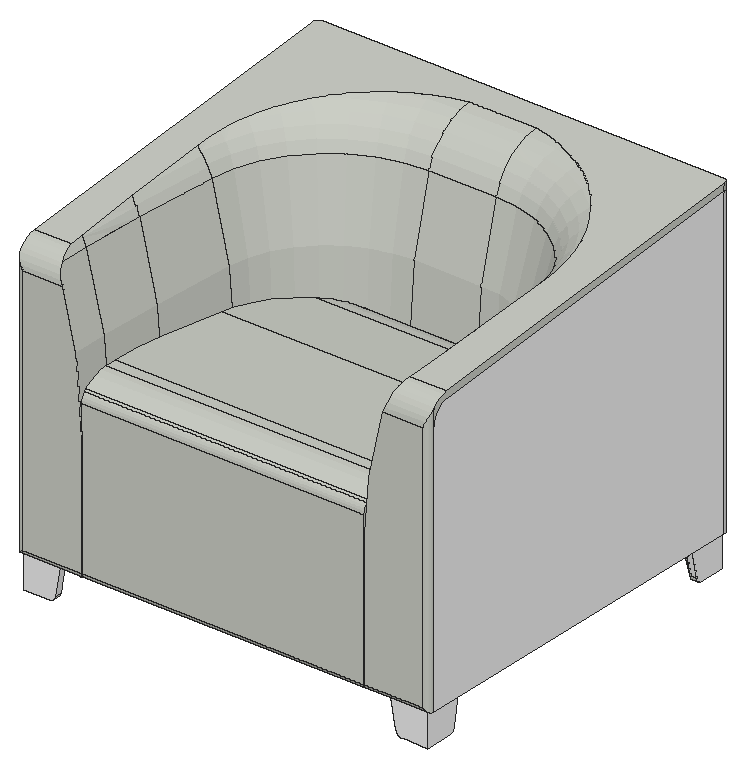
Revit family "Elan_Ellsworth_One_LoungeChair_WoodBack", category Furniture, Revit 2012
Parameters
  Width = 2' - 9"  # constant formula
  URL = "http://elanbydecca.com/"
  Upholstery [instance] = Furniture - DECCA (Elan) - Ellsworth - Upholstery
  Base [instance] = Furniture - DECCA (Elan) - Ellsworth - Base
  Product URL = "http://elanbydecca.com/PDFs/TearSheet/Ellsworth%20Tear%20Sheet.pdf"
  Model = "MK TC300V"
  Manufacturer = "Decca Elan"
  Height = 2' - 4"  # constant formula
  Description = "Ellsworth One Lounge Chair"
  Depth = 2' - 6"  # constant formula
  Assembly Description = "Furniture & Accessories"
  Assembly Code = "E2020200"
  Back = Furniture - DECCA (Elan) - Ellsworth - Base
Reference planes (in)
  plane 1 "Center Front/Back": y = -0.7523997
  plane 2: z = 0
  plane 3 "Center Left/Right": x = 0
  plane 4 "L": x = -16.5
  plane 5 "R": x = 16.5
  plane 6 "F": y = -15.7523997
  plane 7: y = 14.2476003
  plane 8: through (-6.2533827, 2.3323677, 23.3895262) normal (0.4297, -0.4297, 0.7941)
  plane 9 "ST": z = 28
  plane 10 "BB": z = 2.875
  plane 11: z = 0.1875
  plane 12: x = -16.1875
  plane 13: x = -13.1875
  plane 14: x = 16.1875
  plane 15: x = 13.1875
  plane 16: y = -12.7523997
  plane 17: y = 11.2476003
  plane 18: z = 17
  plane 19: y = 6.2163396
Forms (in)
  Sweep 1, solid, material "Furniture - DECCA (Elan) - Ellsworth - Upholstery" <- "Upholstery"
    path origin (0, 0, 2.875) x (-1, 0, 0) y (0, -1, 0)
      loop
        line (-11.3074654, 15.7523997) -> (-11.3074654, 12.8786985)
        arc (-11.3074654, 12.8786985) -> (-11.263605, 10.3659347) -> (-11.132077, 7.8562324) r 72
        line (-11.132077, 7.8562324) -> (-10.6684186, 1.2256086)
        arc (-10.6684186, 1.2256086) -> (-8.1438931, -4.0671692) -> (-2.6879062, -6.2163396) r 8
        line (-2.6879062, -6.2163396) -> (2.6879062, -6.2163396)
        arc (2.6879062, -6.2163396) -> (8.1438931, -4.0671692) -> (10.6684186, 1.2256086) r 8
        line (10.6684186, 1.2256086) -> (11.132077, 7.8562324)
        arc (11.132077, 7.8562324) -> (11.263605, 10.3659347) -> (11.3074654, 12.8786985) r 72
        line (11.3074654, 12.8786985) -> (11.3074654, 15.7523997)
    profile origin (0, 6.2163396, 2.875) x (0, -1, 0) y (0, 0, 1)
      loop
        line (0, 0) -> (0, 10.0216963)
        arc (0, 10.0216963) -> (-0.4940232, 15.9652318) -> (-1.9625341, 21.7456425) r 36
        arc (-1.9625341, 21.7456425) -> (-3.510919, 23.9274319) -> (-5.992833, 24.9263332) r 4.75
        line (-5.992833, 24.9263332) -> (-15.5, 25.8529092) -> (-15.5, 0) -> (0, 0)
  Extrusion 2, void
    sketch origin (0, 0, 0) x (0, 1, 0) y (0, 0, 1)
      loop
        line (22.7476003, 28.8284167) -> (22.7476003, 31.5) -> (-19.7523997, 31.5) -> (-19.7523997, 0) -> (-15.2523997, 0) -> (-15.2523997, 2.875) -> (-15.4398997, 2.875)
        arc (-15.4398997, 2.875) -> (-15.6608706, 2.9665291) -> (-15.7523997, 3.1875) r 0.3125
        line (-15.7523997, 3.1875) -> (-15.7523997, 23.2616219)
        arc (-15.7523997, 23.2616219) -> (-15.2336163, 24.605496) -> (-13.9464021, 25.2521905) r 2
        line (-13.9464021, 25.2521905) -> (22.7476003, 28.8284167)
    from -27.955407 to 26.8958693
  Extrusion 3, void
    sketch origin (0, 0, 2.875) x (-1, 0, 0) y (0, -1, 0)
      loop
        line (16.5, -13.7476003) -> (16.5, 15.2523997)
        arc (16.5, 15.2523997) -> (16.3535534, 15.6059531) -> (16, 15.7523997) r 0.5
        line (16, 15.7523997) -> (-16, 15.7523997)
        arc (-16, 15.7523997) -> (-16.3535534, 15.6059531) -> (-16.5, 15.2523997) r 0.5
        line (-16.5, 15.2523997) -> (-16.5, -13.7476003)
        arc (-16.5, -13.7476003) -> (-16.3535534, -14.1011536) -> (-16, -14.2476003) r 0.5
        line (-16, -14.2476003) -> (16, -14.2476003)
        arc (16, -14.2476003) -> (16.3535534, -14.1011536) -> (16.5, -13.7476003) r 0.5
      loop
        arc (16, -26.2476003) -> (24.8388348, -22.586435) -> (28.5, -13.7476003) r 12.5
        line (28.5, -13.7476003) -> (28.5, 15.2523997)
        arc (28.5, 15.2523997) -> (24.8388348, 24.0912345) -> (16, 27.7523997) r 12.5
        line (16, 27.7523997) -> (-16, 27.7523997)
        arc (-16, 27.7523997) -> (-24.8388348, 24.0912345) -> (-28.5, 15.2523997) r 12.5
        line (-28.5, 15.2523997) -> (-28.5, -13.7476003)
        arc (-28.5, -13.7476003) -> (-24.8388348, -22.586435) -> (-16, -26.2476003) r 12.5
        line (-16, -26.2476003) -> (16, -26.2476003)
    from -2.875 to 28.625
  Extrusion 4, solid, material "Furniture - DECCA (Elan) - Ellsworth - Upholstery" <- "Upholstery"
    sketch origin (0, 0, 0) x (0, 1, 0) y (0, 0, 1)
      loop
        line (6.2163396, 2.875) -> (6.2163396, 13.8704933)
        arc (6.2163396, 13.8704933) -> (6.0951567, 14.347652) -> (5.7609786, 14.7091639) r 1
        line (5.7609786, 14.7091639) -> (5.5897111, 14.8203862)
        arc (5.5897111, 14.8203862) -> (4.8088435, 15.2135656) -> (3.9612061, 15.4277039) r 4
        line (3.9612061, 15.4277039) -> (-2.4371565, 16.3159994)
        arc (-2.4371565, 16.3159994) -> (-7.3758173, 16.8287963) -> (-12.338077, 17) r 72
        line (-12.338077, 17) -> (-13.278241, 17)
        arc (-13.278241, 17) -> (-14.3533448, 16.8007413) -> (-15.2856328, 16.2294345) r 3
        line (-15.2856328, 16.2294345) -> (-15.4215303, 16.1070718)
        arc (-15.4215303, 16.1070718) -> (-15.6659452, 15.7706636) -> (-15.7523997, 15.3639269) r 1
        line (-15.7523997, 15.3639269) -> (-15.7523997, 3.1875)
        arc (-15.7523997, 3.1875) -> (-15.6608706, 2.9665291) -> (-15.4398997, 2.875) r 0.3125
        line (-15.4398997, 2.875) -> (6.2163396, 2.875)
    from -13.1875 to 13.1875
  Extrusion 5, void
    sketch origin (0, 0, 2.875) x (-1, 0, 0) y (0, -1, 0)
      loop
        arc (-2.6879062, -6.2163396) -> (-8.1438931, -4.0671692) -> (-10.6684186, 1.2256086) r 8
        line (-10.6684186, 1.2256086) -> (-11.132077, 7.8562324)
        arc (-11.132077, 7.8562324) -> (-11.263605, 10.3659347) -> (-11.3074654, 12.8786985) r 72
        line (-11.3074654, 12.8786985) -> (-11.3074654, 15.7523997) -> (-14.6925346, 15.7523997) -> (-14.6925346, -11.2476003) -> (14.8074654, -11.2476003) -> (14.8074654, 15.7523997) -> (11.3074654, 15.7523997) -> (11.3074654, 12.8786985)
        arc (11.3074654, 12.8786985) -> (11.263605, 10.3659347) -> (11.132077, 7.8562324) r 72
        line (11.132077, 7.8562324) -> (10.6684186, 1.2256086)
        arc (10.6684186, 1.2256086) -> (8.1438931, -4.0671692) -> (2.6879062, -6.2163396) r 8
        line (2.6879062, -6.2163396) -> (-2.6879062, -6.2163396)
    from 0 to 15.8970439
  Extrusion 6, void
    sketch origin (0, 0, 0) x (0, 1, 0) y (0, 0, 1)
      loop
        arc (-13.8979015, 24.7545483) -> (-14.8633121, 24.2695275) -> (-15.2523997, 23.2616219) r 1.5
        line (-15.2523997, 23.2616219) -> (-15.2523997, 2) -> (15.2476003, 2) -> (15.2476003, 27.5950917) -> (-13.8979015, 24.7545483)
    from -16.5 to -16
  Extrusion 7, void
    sketch origin (0, 0, 0) x (0, 1, 0) y (0, 0, -1)
      loop
        line (-13.8979015, -24.7545483) -> (15.2476003, -27.5950917) -> (15.2476003, -2) -> (-15.2523997, -2) -> (-15.2523997, -23.2616219)
        arc (-15.2523997, -23.2616219) -> (-14.8633121, -24.2695275) -> (-13.8979015, -24.7545483) r 1.5
    from -16.5 to -16
  Extrusion 8, void
    sketch origin (0, 0, 0) x (0, 1, 0) y (0, 0, 1)
      loop
        line (15.2476003, 27.5950917) -> (13.7476003, 27.4489006) -> (13.7476003, 2.875) -> (15.2476003, 2.875) -> (15.2476003, 27.5950917)
    from -16.5 to 16.5
Cuts and joins
  Extrusion 2, Extrusion 3, Extrusion 6, Extrusion 7, Extrusion 8 cuts Sweep 1
  Extrusion 5, Extrusion 6 cuts Extrusion 4
Dimensions and locks (in)
  equal spacing: plane 7, plane 1 "Center Front/Back", plane 6 "F"
  "Depth": plane 7 to plane 6 "F"
  "Height": plane 9 "ST" to level
  equal spacing: plane 4 "L", plane 3 "Center Left/Right", plane 5 "R"
  "Width": plane 4 "L" to plane 5 "R"
  locked: plane 12 to plane 4 "L" at 0.3125
  locked: plane 13 to plane 12 at 3
  locked: plane 15 to plane 14 at 3
  locked: plane 14 to plane 5 "R" at 0.3125
  locked: plane 16 to plane 6 "F" at 3
  locked: plane 7 to plane 17 at 3
  plane 18 to level = 1' - 5"
  locked: plane 4 "L" to nested 2 at 0.3125
  locked: plane 4 "L" to nested 3 at 0.3125
  locked: nested 5 to plane 5 "R" at 0.3125
  locked: nested 4 to plane 5 "R" at 0.3125
  locked: plane 6 "F" to nested 2 at 0.3125
  locked: nested 3 to plane 7 at 0.3125
  locked: plane 7 to nested 5 at 0.3125
  locked: nested 4 to plane 6 "F" at 0.3125
Automatic sketch dimensions
  Sweep 1 sketch curve to plane 6 "F" = 0' - 0"  (x2)
  plane 19 to Sweep 1 sketch curve = 0' - 0"
  plane 16 to Sweep 1 sketch curve = 0' - 0.1263"  (x2)
  Sweep 1 sketch curve to plane 5 "R" = 3' - 8.19253"
  plane 15 to Sweep 1 sketch curve = 0' - 1.88003"
  plane 15 to Sweep 1 sketch curve = 0' - 2.05542"
  plane 1 "Center Front/Back" to Sweep 1 sketch curve = 0' - 0.47321"  (x2)
  plane 15 to Sweep 1 sketch curve = 0' - 2.51908"
  plane 3 "Center Left/Right" to Sweep 1 sketch curve = 0' - 2.68791"
  plane 1 "Center Front/Back" to Sweep 1 sketch curve = 0' - 1 1/32"
  Sweep 1 sketch curve to plane 3 "Center Left/Right" = 0' - 2.68791"
  plane 13 to Sweep 1 sketch curve = 0' - 2.05542"
  Sweep 1 sketch curve to Sweep 1 sketch curve = 0' - 0.17539"
  Sweep 1 sketch curve to plane 4 "L" = 3' - 8.19253"
  Sweep 1 sketch curve to plane 10 "BB" = 0' - 0"
  Sweep 1 sketch curve to profile plane = 0' - 0"
  profile plane to Sweep 1 sketch curve = 0' - 1.96253"
  Sweep 1 sketch curve to Sweep 1 sketch curve = 0' - 0"
  Sweep 1 sketch curve to Sweep 1 sketch curve = 0' - 4.0303"
  Sweep 1 sketch curve to Sweep 1 sketch curve = 0' - 0.46076"
  Sweep 1 sketch curve to Sweep 1 sketch curve = 1' - 3 1/2"
  plane 10 "BB" to Sweep 1 sketch curve = 0' - 10.0217"
  Sweep 1 sketch curve to Sweep 1 sketch curve = 1' - 8 1/2"
  Sweep 1 sketch curve to Sweep 1 sketch curve = 0' - 0.92658"
  Extrusion 3 sketch curve to Extrusion 3 sketch curve = 0' - 0"  (x8)
  Extrusion 3 sketch curve to plane 5 "R" = 0' - 0"
  Extrusion 3 sketch curve to plane 7 = 0' - 0"
  Extrusion 3 sketch curve to plane 6 "F" = 0' - 0"
  Extrusion 3 sketch curve to plane 4 "L" = 0' - 0"
  Extrusion 3 sketch curve to plane 7 = 0' - 0 1/2"
  Extrusion 3 sketch curve to plane 5 "R" = 1' - 0"
  plane 14 to Extrusion 3 sketch curve = 0' - 0 3/16"
  plane 12 to Extrusion 3 sketch curve = 0' - 0 3/16"  (x2)
  Extrusion 4 sketch curve to plane 6 "F" = 0' - 0"
  Extrusion 4 sketch curve to plane 10 "BB" = 0' - 0"
  plane 18 to Extrusion 4 sketch curve = 0' - 0"
  Extrusion 4 sketch curve to plane 19 = 0' - 0"
  plane 6 "F" to Extrusion 4 sketch curve = 0' - 0.33087"
  Extrusion 4 sketch curve to Extrusion 4 sketch curve = 0' - 0.1359"
  plane 6 "F" to Extrusion 4 sketch curve = 0' - 0 5/16"
  Extrusion 4 sketch curve to Extrusion 4 sketch curve = 0' - 1"  (x2)
  plane 16 to Extrusion 4 sketch curve = 0' - 0.52584"
  Extrusion 4 sketch curve to plane 16 = 0' - 0.41432"
  plane 18 to Extrusion 4 sketch curve = 0' - 0.684"
  plane 1 "Center Front/Back" to Extrusion 4 sketch curve = 0' - 1.68476"
  plane 19 to Extrusion 4 sketch curve = 0' - 2.80518"
  plane 19 to Extrusion 4 sketch curve = 0' - 2.25513"
  plane 19 to Extrusion 4 sketch curve = 0' - 0.62663"
  Extrusion 4 sketch curve to Extrusion 4 sketch curve = 0' - 0.17127"
  plane 18 to Extrusion 4 sketch curve = 0' - 5.5343"
  Extrusion 4 sketch curve to Extrusion 4 sketch curve = 0' - 2.40479"
  Extrusion 4 sketch curve to Extrusion 4 sketch curve = 0' - 3"
  Extrusion 4 sketch curve to Extrusion 4 sketch curve = 0' - 0.11122"
  Extrusion 4 sketch curve to Extrusion 4 sketch curve = 0' - 0.86551"
  Extrusion 5 sketch curve to plane 6 "F" = 0' - 0"  (x2)
  Extrusion 5 sketch curve to plane 17 = 0' - 0"
  plane 19 to Extrusion 5 sketch curve = 0' - 0"
  plane 16 to Extrusion 5 sketch curve = 0' - 0.1263"  (x2)
  Extrusion 5 sketch curve to plane 5 "R" = 3' - 8.19253"
  plane 14 to Extrusion 5 sketch curve = 0' - 1.49497"
  plane 15 to Extrusion 5 sketch curve = 0' - 1.88003"
  plane 15 to Extrusion 5 sketch curve = 0' - 2.05542"
  plane 1 "Center Front/Back" to Extrusion 5 sketch curve = 0' - 0.47321"  (x2)
  plane 15 to Extrusion 5 sketch curve = 0' - 2.51908"
  plane 3 "Center Left/Right" to Extrusion 5 sketch curve = 0' - 2.68791"
  Extrusion 5 sketch curve to plane 3 "Center Left/Right" = 0' - 2.68791"
  plane 13 to Extrusion 5 sketch curve = 0' - 2.51908"
  plane 13 to Extrusion 5 sketch curve = 0' - 2.05542"
  Extrusion 5 sketch curve to Extrusion 5 sketch curve = 0' - 0.17539"
  plane 12 to Extrusion 5 sketch curve = 0' - 1.38003"
  Extrusion 5 sketch curve to plane 4 "L" = 3' - 8.19253"
  plane 6 "F" to Extrusion 6 sketch curve = 0' - 0 1/2"
  plane 16 to Extrusion 6 sketch curve = 0' - 1.1455"
  plane 16 to Extrusion 6 sketch curve = 0' - 1"
  Extrusion 6 sketch curve to plane 9 "ST" = 0' - 0.40491"
  plane 7 to Extrusion 6 sketch curve = 0' - 1"
  Extrusion 6 sketch curve to plane 9 "ST" = 0' - 3.24545"
  Extrusion 6 sketch curve to plane 10 "BB" = 0' - 0 7/8"
  plane 6 "F" to Extrusion 7 sketch curve = 0' - 0 1/2"
  plane 16 to Extrusion 7 sketch curve = 0' - 1.1455"
  plane 16 to Extrusion 7 sketch curve = 0' - 1"
  Extrusion 7 sketch curve to plane 9 "ST" = 0' - 0.40491"
  plane 7 to Extrusion 7 sketch curve = 0' - 1"
  Extrusion 7 sketch curve to plane 9 "ST" = 0' - 3.24545"
  Extrusion 7 sketch curve to plane 10 "BB" = 0' - 0 7/8"
  Extrusion 8 sketch curve to plane 10 "BB" = 0' - 0"
  Extrusion 8 sketch curve to plane 7 = 0' - 0 1/2"
  Extrusion 8 sketch curve to plane 9 "ST" = 0' - 0.40491"
  plane 7 to Extrusion 8 sketch curve = 0' - 1"
  Extrusion 8 sketch curve to plane 9 "ST" = 0' - 0.5511"
  Extrusion 2 sketch curve to level = 0' - 0"
  Extrusion 2 sketch curve to plane 6 "F" = 0' - 0"
  Extrusion 2 sketch curve to plane 10 "BB" = 0' - 0"
  Extrusion 2 sketch curve to plane 6 "F" = 0' - 4"
  plane 6 "F" to Extrusion 2 sketch curve = 0' - 0 5/16"
  Extrusion 2 sketch curve to Extrusion 2 sketch curve = 0' - 0 3/16"
  plane 16 to Extrusion 2 sketch curve = 0' - 1.194"
  plane 16 to Extrusion 2 sketch curve = 0' - 1"
  plane 9 "ST" to Extrusion 2 sketch curve = 0' - 3 1/2"
  plane 7 to Extrusion 2 sketch curve = 0' - 8 1/2"
  Extrusion 2 sketch curve to plane 9 "ST" = 0' - 4.73838"
  plane 9 "ST" to Extrusion 2 sketch curve = 0' - 0.82842"
Nested families (in)
  nested 1: "Elan_Ellsworth_One_LoungeChairBACK" at (0, 0, 0), type "Upholstered Back"
    with Upholstery Furniture - DECCA (Elan) - Ellsworth - Upholstery, Base Furniture - DECCA (Elan) - Ellsworth - Base
  nested 2: "Elan_Ellsworth_One_LoungeLEG" at (-16.1875, -14.6875, 0), Base <- "Base", type "Elan_Ellsworth_One_LoungeLEG"
    with Upholstery Furniture - DECCA (Elan) - Ellsworth - Upholstery, Base Furniture - DECCA (Elan) - Ellsworth - Base
  nested 3: "Elan_Ellsworth_One_LoungeLEG" at (-16.1875, 13.1827005, 0), Base <- "Base", type "Elan_Ellsworth_One_LoungeLEG"
    with Upholstery Furniture - DECCA (Elan) - Ellsworth - Upholstery, Base Furniture - DECCA (Elan) - Ellsworth - Base
  nested 4: "Elan_Ellsworth_One_LoungeLEG" at (16.1875, -14.6875, 0) x (-1, 0, 0) z (0, 0, 1), Base <- "Base", type "Elan_Ellsworth_One_LoungeLEG"
    with Upholstery Furniture - DECCA (Elan) - Ellsworth - Upholstery, Base Furniture - DECCA (Elan) - Ellsworth - Base
  nested 5: "Elan_Ellsworth_One_LoungeLEG" at (16.1875, 13.1827005, 0) x (-1, 0, 0) z (0, 0, 1), Base <- "Base", type "Elan_Ellsworth_One_LoungeLEG"
    with Upholstery Furniture - DECCA (Elan) - Ellsworth - Upholstery, Base Furniture - DECCA (Elan) - Ellsworth - Base
Definition of nested family "Elan_Ellsworth_One_LoungeChairBACK"
  Parameters (values of type "Upholstered Back")
    WoodBack = no
    Width = 2' - 9"  # constant formula
    URL = "http://elanbydecca.com/"
    Upholstery [instance] = Furniture - DECCA (Elan) - Ellsworth - Upholstery
    Base [instance] = Furniture - DECCA (Elan) - Ellsworth - Base
    Product URL = "http://elanbydecca.com/PDFs/elan_tearsheet-ava.pdf"
    Model = "MK TC300U"
    Manufacturer = "Decca Elan"
    Height = 2' - 4"  # constant formula
    Description = "Ellsworth One Lounge Chair"
    Depth = 2' - 6"  # constant formula
    Assembly Description = "Furniture & Accessories"
    Assembly Code = "E2020200"
    Back = Furniture - DECCA (Elan) - Ellsworth - Base
  Types (3): name | WoodBack | Model
    (no name) | no | "MK TC300U"
    Upholstered Back | no | "MK TC300U"
    Wood Back | yes | "MK TC300V"
  Reference planes (in)
    plane 1 "Center Front/Back": y = -0.7523997
    plane 2: z = 0
    plane 3 "Center Left/Right": x = 0
    plane 4 "L": x = -16.5
    plane 5 "R": x = 16.5
    plane 6 "F": y = -15.7523997
    plane 7: y = 14.2476003
    plane 8: through (-6.2533827, 2.3323677, 23.3895262) normal (0.4297, -0.4297, 0.7941)
    plane 9 "ST": z = 28
    plane 10 "BB": z = 2.875
    plane 11: z = 0.1875
    plane 12: x = -16.1875
    plane 13: x = -13.1875
    plane 14: x = 16.1875
    plane 15: x = 13.1875
    plane 16: y = -12.7523997
    plane 17: y = 11.2476003
    plane 18: z = 17
    plane 19: y = 6.2163396
  Forms (in)
    Sweep 1, solid, material "Furniture - DECCA (Elan) - Ellsworth - Base" <- "Back"
      path origin (0, 0, 2.875) x (-1, 0, 0) y (0, -1, 0)
        loop
          line (-11.3074654, 15.7523997) -> (-11.3074654, 12.8786985)
          arc (-11.3074654, 12.8786985) -> (-11.263605, 10.3659347) -> (-11.132077, 7.8562324) r 72
          line (-11.132077, 7.8562324) -> (-10.6684186, 1.2256086)
          arc (-10.6684186, 1.2256086) -> (-8.1438931, -4.0671692) -> (-2.6879062, -6.2163396) r 8
          line (-2.6879062, -6.2163396) -> (2.6879062, -6.2163396)
          arc (2.6879062, -6.2163396) -> (8.1438931, -4.0671692) -> (10.6684186, 1.2256086) r 8
          line (10.6684186, 1.2256086) -> (11.132077, 7.8562324)
          arc (11.132077, 7.8562324) -> (11.263605, 10.3659347) -> (11.3074654, 12.8786985) r 72
          line (11.3074654, 12.8786985) -> (11.3074654, 15.7523997)
      profile origin (0, 6.2163396, 2.875) x (0, -1, 0) y (0, 0, 1)
        loop
          line (0, 0) -> (0, 10.0216963)
          arc (0, 10.0216963) -> (-0.4940232, 15.9652318) -> (-1.9625341, 21.7456425) r 36
          arc (-1.9625341, 21.7456425) -> (-3.510919, 23.9274319) -> (-5.992833, 24.9263332) r 4.75
          line (-5.992833, 24.9263332) -> (-15.5, 25.8529092) -> (-15.5, 0) -> (0, 0)
    Extrusion 2, void
      sketch origin (0, 0, 0) x (0, 1, 0) y (0, 0, 1)
        loop
          line (22.7476003, 28.8284167) -> (22.7476003, 31.5) -> (-19.7523997, 31.5) -> (-19.7523997, 0) -> (-15.2523997, 0) -> (-15.2523997, 2.875)
          arc (-15.2523997, 2.875) -> (-15.6059531, 3.0214466) -> (-15.7523997, 3.375) r 0.5
          line (-15.7523997, 3.375) -> (-15.7523997, 23.2616219)
          arc (-15.7523997, 23.2616219) -> (-15.2336163, 24.605496) -> (-13.9464021, 25.2521905) r 2
          line (-13.9464021, 25.2521905) -> (22.7476003, 28.8284167)
      from -27.955407 to 26.8958693
    Extrusion 3, void
      sketch origin (0, 0, 2.875) x (-1, 0, 0) y (0, -1, 0)
        loop
          line (16.5, -13.7476003) -> (16.5, 15.2523997)
          arc (16.5, 15.2523997) -> (16.3535534, 15.6059531) -> (16, 15.7523997) r 0.5
          line (16, 15.7523997) -> (-16, 15.7523997)
          arc (-16, 15.7523997) -> (-16.3535534, 15.6059531) -> (-16.5, 15.2523997) r 0.5
          line (-16.5, 15.2523997) -> (-16.5, -13.7476003)
          arc (-16.5, -13.7476003) -> (-16.3535534, -14.1011536) -> (-16, -14.2476003) r 0.5
          line (-16, -14.2476003) -> (16, -14.2476003)
          arc (16, -14.2476003) -> (16.3535534, -14.1011536) -> (16.5, -13.7476003) r 0.5
        loop
          arc (16, -26.2476003) -> (24.8388348, -22.586435) -> (28.5, -13.7476003) r 12.5
          line (28.5, -13.7476003) -> (28.5, 15.2523997)
          arc (28.5, 15.2523997) -> (24.8388348, 24.0912345) -> (16, 27.7523997) r 12.5
          line (16, 27.7523997) -> (-16, 27.7523997)
          arc (-16, 27.7523997) -> (-24.8388348, 24.0912345) -> (-28.5, 15.2523997) r 12.5
          line (-28.5, 15.2523997) -> (-28.5, -13.7476003)
          arc (-28.5, -13.7476003) -> (-24.8388348, -22.586435) -> (-16, -26.2476003) r 12.5
          line (-16, -26.2476003) -> (16, -26.2476003)
      from -2.875 to 28.625
    Extrusion 4, void
      sketch origin (0, 0, 2.875) x (-1, 0, 0) y (0, -1, 0)
        loop
          line (16, -13.7476003) -> (16, 15.2523997) -> (-16, 15.2523997) -> (-16, -13.7476003) -> (16, -13.7476003)
      from -1.8606413 to 27.6641847
    Extrusion 5, void
      sketch origin (0, 0, 0) x (0, 1, 0) y (0, 0, 1)
        loop
          line (-15.2523997, -1.25) -> (-15.2523997, 23.2616219)
          arc (-15.2523997, 23.2616219) -> (-14.8633121, 24.2695275) -> (-13.8979015, 24.7545483) r 1.5
          line (-13.8979015, 24.7545483) -> (17.5307747, 27.8176117) -> (17.5307747, 28.8223498) -> (-13.9949027, 25.7498326)
          arc (-13.9949027, 25.7498326) -> (-15.6039204, 24.9414646) -> (-16.2523997, 23.2616219) r 2.5
          line (-16.2523997, 23.2616219) -> (-16.2523997, -1.25) -> (-15.2523997, -1.25)
      from -27.955407 to 28.5
  Cuts and joins
    Extrusion 2, Extrusion 3, Extrusion 4, Extrusion 5 cuts Sweep 1
  Dimensions and locks (in)
    equal spacing: plane 7, plane 1 "Center Front/Back", plane 6 "F"
    "Depth": plane 7 to plane 6 "F"
    "Height": plane 9 "ST" to level
    equal spacing: plane 4 "L", plane 3 "Center Left/Right", plane 5 "R"
    "Width": plane 4 "L" to plane 5 "R"
    locked: plane 12 to plane 4 "L" at 0.3125
    locked: plane 13 to plane 12 at 3
    locked: plane 15 to plane 14 at 3
    locked: plane 14 to plane 5 "R" at 0.3125
    locked: plane 16 to plane 6 "F" at 3
    locked: plane 7 to plane 17 at 3
    plane 18 to level = 1' - 5"
  Automatic sketch dimensions
    Sweep 1 sketch curve to plane 6 "F" = 0' - 0"  (x2)
    plane 19 to Sweep 1 sketch curve = 0' - 0"
    plane 16 to Sweep 1 sketch curve = 0' - 0.1263"  (x2)
    Sweep 1 sketch curve to plane 5 "R" = 3' - 8.19253"
    plane 15 to Sweep 1 sketch curve = 0' - 1.88003"
    plane 15 to Sweep 1 sketch curve = 0' - 2.05542"
    plane 1 "Center Front/Back" to Sweep 1 sketch curve = 0' - 0.47321"  (x2)
    plane 15 to Sweep 1 sketch curve = 0' - 2.51908"
    plane 3 "Center Left/Right" to Sweep 1 sketch curve = 0' - 2.68791"
    plane 1 "Center Front/Back" to Sweep 1 sketch curve = 0' - 1 1/32"
    Sweep 1 sketch curve to plane 3 "Center Left/Right" = 0' - 2.68791"
    plane 13 to Sweep 1 sketch curve = 0' - 2.05542"
    Sweep 1 sketch curve to Sweep 1 sketch curve = 0' - 0.17539"
    Sweep 1 sketch curve to plane 4 "L" = 3' - 8.19253"
    Extrusion 3 sketch curve to plane 5 "R" = 0' - 0"
    Extrusion 3 sketch curve to plane 6 "F" = 0' - 0"
    Extrusion 3 sketch curve to plane 7 = 0' - 0"
    Extrusion 3 sketch curve to plane 4 "L" = 0' - 0"
    plane 14 to Extrusion 3 sketch curve = 0' - 0 3/16"  (x2)
    plane 12 to Extrusion 3 sketch curve = 0' - 0 3/16"  (x2)
    Extrusion 3 sketch curve to plane 5 "R" = 1' - 0"
    Extrusion 3 sketch curve to Extrusion 3 sketch curve = 0' - 0"  (x7)
    Sweep 1 sketch curve to plane 10 "BB" = 0' - 0"
    Sweep 1 sketch curve to profile plane = 0' - 0"
    profile plane to Sweep 1 sketch curve = 0' - 1.96253"
    Sweep 1 sketch curve to Sweep 1 sketch curve = 0' - 0"
    Sweep 1 sketch curve to Sweep 1 sketch curve = 0' - 4.0303"
    Sweep 1 sketch curve to Sweep 1 sketch curve = 0' - 0.46076"
    Sweep 1 sketch curve to Sweep 1 sketch curve = 1' - 3 1/2"
    plane 10 "BB" to Sweep 1 sketch curve = 0' - 10.0217"
    Sweep 1 sketch curve to Sweep 1 sketch curve = 1' - 8 1/2"
    Sweep 1 sketch curve to Sweep 1 sketch curve = 0' - 0.92658"
    Extrusion 2 sketch curve to plane 6 "F" = 0' - 0"
    plane 6 "F" to Extrusion 2 sketch curve = 0' - 0 1/2"
    Extrusion 2 sketch curve to plane 10 "BB" = 0' - 0"
    Extrusion 2 sketch curve to level = 0' - 0"
    Extrusion 2 sketch curve to Extrusion 2 sketch curve = 0' - 4 1/2"
    plane 16 to Extrusion 2 sketch curve = 0' - 1.194"
    plane 16 to Extrusion 2 sketch curve = 0' - 1"
    plane 9 "ST" to Extrusion 2 sketch curve = 0' - 0.82842"
    plane 7 to Extrusion 2 sketch curve = 0' - 8 1/2"
    Extrusion 2 sketch curve to plane 9 "ST" = 0' - 4.73838"
    Extrusion 2 sketch curve to Extrusion 2 sketch curve = 0' - 2.67158"
    Extrusion 5 sketch curve to Extrusion 5 sketch curve = 0' - 0"  (x2)
    Extrusion 5 sketch curve to level = 0' - 1 1/4"
    Extrusion 5 sketch curve to plane 6 "F" = 0' - 0 1/2"
    plane 6 "F" to Extrusion 5 sketch curve = 0' - 0 1/2"
    plane 16 to Extrusion 5 sketch curve = 0' - 1.2425"
    Extrusion 5 sketch curve to Extrusion 5 sketch curve = 0' - 0.097"
    plane 16 to Extrusion 5 sketch curve = 0' - 1"
    plane 7 to Extrusion 5 sketch curve = 0' - 3.28317"
    plane 9 "ST" to Extrusion 5 sketch curve = 0' - 0.82235"
    Extrusion 5 sketch curve to plane 9 "ST" = 0' - 4.73838"
    Extrusion 5 sketch curve to plane 9 "ST" = 0' - 0.18239"
    Extrusion 4 sketch curve to plane 7 = 0' - 0 1/2"
    plane 5 "R" to Extrusion 4 sketch curve = 0' - 0 1/2"
    plane 6 "F" to Extrusion 4 sketch curve = 0' - 0 1/2"
    plane 4 "L" to Extrusion 4 sketch curve = 0' - 0 1/2"
Definition of nested family "Elan_Ellsworth_One_LoungeLEG"
  Parameters (values of type "Elan_Ellsworth_One_LoungeLEG")
    WoodBack = no
    Width = 2' - 9"  # constant formula
    URL = "http://elanbydecca.com/"
    Upholstery [instance] = Furniture - DECCA (Elan) - Ellsworth - Upholstery
    Base [instance] = Furniture - DECCA (Elan) - Ellsworth - Base
    Product URL = "http://elanbydecca.com/PDFs/elan_tearsheet-ava.pdf"
    Model = "MK TC300V"
    Manufacturer = "Decca Elan"
    Height = 2' - 4"  # constant formula
    Description = "Ellsworth One Lounge Chair"
    Depth = 2' - 6"  # constant formula
    Assembly Description = "Furniture & Accessories"
    Assembly Code = "E2020200"
    Back = Furniture - DECCA (Elan) - Ellsworth - Base
  Reference planes (in)
    plane 1 "Center Front/Back": y = -0.7523997
    plane 2: z = 0
    plane 3 "Center Left/Right": x = 0
    plane 4 "L": x = -16.5
    plane 5 "R": x = 16.5
    plane 6 "F": y = -15.7523997
    plane 7: y = 14.2476003
    plane 8: through (-6.2533827, 2.3323677, 23.3895262) normal (0.4297, -0.4297, 0.7941)
    plane 9 "ST": z = 28
    plane 10 "BB": z = 2.875
    plane 11: z = 0.1875
    plane 12: x = -16.1875
    plane 13: x = -13.1875
    plane 14: x = 16.1875
    plane 15: x = 13.1875
    plane 16: y = -12.7523997
    plane 17: y = 11.2476003
    plane 18: z = 17
    plane 19: y = 6.2163396
    plane 20: z = 0.6593324
    plane 21: through (0, 2.2476017, 2.875) normal (0, -0.9824, 0.1869)
    plane 22: through (2.999999, -180, 2.875) normal (0.9828, 0, -0.1848)
    plane 23: x = 2.4946838
    plane 24: y = 1.7363503
  Forms (in)
    Blend 1, solid, material "Furniture - DECCA (Elan) - Ellsworth - Base" <- "Base"
      base sketch origin (0, 0, 2.875) x (-1, 0, 0) y (0, -1, 0)
        loop
          line (-0.5000042, -2.2476017) -> (0, -2.2476026) -> (0, 0.7523997) -> (-2.999999, 0.7523997) -> (-2.9999998, 0.262259) -> (-0.5000042, -2.2476017)
      top sketch origin (0, 0, 2.875) x (-1, 0, 0) y (0, -1, 0)
        loop
          line (-2.4946838, 0.7523997) -> (-2.4946838, 0.3004153) -> (-0.4624296, -1.7363503) -> (0, -1.7363503) -> (0, 0.7523997) -> (-2.4946838, 0.7523997)
      from 0 to -2.6875
    Extrusion 2, void
      sketch origin (0, -0.0063477, 0.0063477) x (0, 1, 0) y (0, 0, 1)
        loop
          line (1.3225002, 0.1875) -> (-0.9359935, 0.1875) -> (-0.9359935, 0.0976562) -> (1.810714, 0.0976562) -> (2.3814143, 3.0976562) -> (2.2899593, 3.0976562) -> (1.8136914, 0.594059)
          arc (1.8136914, 0.594059) -> (1.6413101, 0.3023244) -> (1.3225002, 0.1875) r 0.5
      from -0.4547494 to 3.2404058
    Revolve 3, solid, material "Furniture - DECCA (Elan) - Ellsworth - Base" <- "Base"
      sketch origin (0.8388278, 0, 0) x (0, 1, 0) y (0, 0, 1)
        loop
          line (0.6764794, 0.1934276) -> (0.3024636, 0.1934276) -> (0.3024636, 0) -> (0.6121304, 0)
          arc (0.6121304, 0) -> (0.657632, 0.0188474) -> (0.6764794, 0.064349) r 0.064349
          line (0.6764794, 0.064349) -> (0.6764794, 0.1934276)
        axis (0.3024636, 0) -> (0.3024636, 0.1934276)
      angle from 0 to 360
    Extrusion 4, void
      sketch origin (-0.0043945, -16.4217555, 0.0131836) x (1, 0, 0) y (0, 0, -1)
        loop
          line (-0.25, -0.1875) -> (2.0799345, -0.1875)
          arc (2.0799345, -0.1875) -> (2.3991549, -0.3026646) -> (2.5713238, -0.5951069) r 0.5
          line (2.5713238, -0.5951069) -> (3.064398, -3.2175039) -> (3.064398, 0.0625) -> (-0.25, 0.0625) -> (-0.25, -0.1875)
      from 15.0815486 to 18.9193558
  Cuts and joins
    Extrusion 2, Extrusion 4 cuts Blend 1
  Dimensions and locks (in)
    equal spacing: plane 7, plane 1 "Center Front/Back", plane 6 "F"
    "Depth": plane 7 to plane 6 "F"
    "Height": plane 9 "ST" to level
    equal spacing: plane 4 "L", plane 3 "Center Left/Right", plane 5 "R"
    "Width": plane 4 "L" to plane 5 "R"
    locked: plane 12 to plane 4 "L" at 0.3125
    locked: plane 13 to plane 12 at 3
    locked: plane 15 to plane 14 at 3
    locked: plane 14 to plane 5 "R" at 0.3125
    locked: plane 16 to plane 6 "F" at 3
    locked: plane 7 to plane 17 at 3
    plane 18 to level = 1' - 5"
  Automatic sketch dimensions
    plane 1 "Center Front/Back" to Blend 1 sketch curve = 0' - 0"  (x2)
    Blend 1 sketch curve to plane 3 "Center Left/Right" = 0' - 0"  (x2)
    plane 3 "Center Left/Right" to Blend 1 sketch curve = 0' - 0 1/2"
    Blend 1 sketch curve to plane 23 = 0' - 0.50532"
    Blend 1 sketch curve to Blend 1 sketch curve = 0' - 0"  (x2)
    Blend 1 sketch curve to plane 1 "Center Front/Back" = 0' - 0.49014"
    plane 24 to Blend 1 sketch curve = 0' - 0.51125"
    Blend 1 sketch curve to plane 23 = 0' - 0"
    Blend 1 sketch curve to plane 24 = 0' - 0"
    plane 3 "Center Left/Right" to Blend 1 sketch curve = 0' - 0.46243"
    Blend 1 sketch curve to Blend 1 sketch curve = 0' - 0.45198"
    plane 11 to Extrusion 2 sketch curve = 0' - 0.00635"
    plane 1 "Center Front/Back" to Extrusion 2 sketch curve = 0' - 0.18994"
    Extrusion 2 sketch curve to plane 24 = 0' - 0.4202"
    plane 24 to Extrusion 2 sketch curve = 0' - 0.06802"
    plane 20 to Extrusion 2 sketch curve = 0' - 0.05893"
    plane 24 to Extrusion 2 sketch curve = 0' - 0.07099"
    plane 10 "BB" to Extrusion 2 sketch curve = 0' - 0.229"
    plane 24 to Extrusion 2 sketch curve = 0' - 0.54726"
    Extrusion 2 sketch curve to Extrusion 2 sketch curve = 0' - 0.09145"
    Extrusion 2 sketch curve to plane 11 = 0' - 0.0835"
    Revolve 3 sketch curve to level = 0' - 0"
    plane 11 to Revolve 3 sketch curve = 0' - 0.00593"
    plane 11 to Revolve 3 sketch curve = 0' - 0.14484"
    Revolve 3 sketch curve to plane 1 "Center Front/Back" = 0' - 1.05486"
    Revolve 3 sketch curve to Revolve 3 sketch curve = 0' - 0"
    Revolve 3 sketch curve to Revolve 3 sketch curve = 0' - 0.30967"
    Revolve 3 sketch curve to Revolve 3 sketch curve = 0' - 0.06435"
    Revolve 3 sketch curve to Revolve 3 sketch curve = 0' - 0.0701"
    Extrusion 4 sketch curve to plane 11 = 0' - 0.01318"
    plane 22 to Extrusion 4 sketch curve = 0' - 0.00675"  (x2)
    plane 3 "Center Left/Right" to Extrusion 4 sketch curve = 0' - 0.25439"
    Extrusion 4 sketch curve to plane 23 = 0' - 0.41914"
    plane 23 to Extrusion 4 sketch curve = 0' - 0.07225"
    Extrusion 4 sketch curve to plane 10 "BB" = 0' - 0.35569"
    level to Extrusion 4 sketch curve = 0' - 0.04932"
